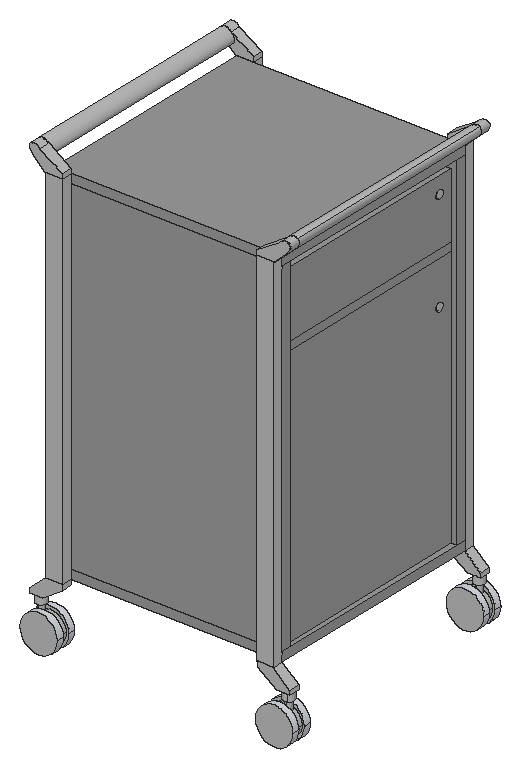
Revit family "Haworth_Planes_CartMedia_Medium_AP_PRELIMINARY", category Furniture Systems, Revit 2019
Family settings
  Round Connector Dimension = Use Diameter
  Part Type = Normal
  OmniClass Number = 23.40.70.14.64.21.14
  OmniClass Title = Free-Standing Component
  Work Plane-Based = No
  Always vertical = Yes
  Cut with Voids When Loaded = No
  Shared = No
  Room Calculation Point = No
Parameters (values of type "Cart - Media Medium")
  with Lock = yes
  Warranty = "http://www.haworth.com/resources/product-info/warranties"
  URL - Product = "https://www.haworth.com/ap/en/products/accessories/planes.html"
  Top Opening Height = 140.494 mm  # constant formula
  Size = "Verify Final Dim. w/Haworth"  # constant formula
  Side Panel Offset = 12.7 mm  # constant formula
  Shelf Thickness = 19.05 mm  # constant formula
  Shelf Offset = 1.587 mm  # constant formula
  Revision = "2"  # constant formula
  Leg Thickness = 22.225 mm  # constant formula
  URL = "https://www.haworth.com/ap/en.html"
  Model = "WOPLCBM"  # constant formula
  Manufacturer = "Haworth"  # constant formula
  Glides = not(Casters)  # no
  Description = "Haworth - Planes - Cart - Media Medium"  # constant formula
  Casters = yes
  Caster Finish = Haworth _ Paint _ Metallic Champagne
  Cart Trim Finish [instance] = Haworth _ Laminate _ Undecided _ Storage
  Cart Surface Finish [instance] = Haworth _ Laminate _ Undecided _ Storage
  Cart Leg Finish [instance] = Haworth _ Paint _ Metallic Champagne
  Author = "Haworth (Hampton, Abd Rahman)"  # constant formula
  Assembly Code = "E2020200"
  Actual Width = 482.6 mm  # constant formula
  Actual Height = 914.4 mm  # constant formula
  Actual Depth = 482.6 mm  # constant formula
Reference planes
  plane 1 "Center F/B": y = 0
  plane 2 "Bottom": z = 0.38
  plane 3 "Center L/R": x = 0
  plane 4 "Center Left To Right": y = 0
  plane 5 "Center Front To Back": x = 0
  plane 6 "Front Panel Outside": y = -241.3
  plane 7 "Left": y = 241.3
  plane 8 "Left Edge": x = -241.3
  plane 9 "Right Edge": x = 241.3
  plane 10: y = 222.25
  plane 11 "Front Panel Inside": y = -222.25
  plane 12 "Left Panel Outside": x = -228.6
  plane 13 "Left Panel Inside": x = -209.55
  plane 14 "Bottom Panel Bottom": z = 142.875
  plane 15 "Bottom Panel Top": z = 161.925
  plane 16 "Top": z = 914.78
  plane 17 "Right Panel Outside": x = 228.6
  plane 18 "Right Panel Inside": x = 209.55
  plane 19 "Top Panel Bottom": z = 895.73
  plane 20 "Front Leg Offset": y = -263.525
  plane 21 "Back Leg Offset": y = 263.525
  plane 22 "Shelf Top": z = 733.011
  plane 23 "Shelf Bottom": z = 713.961
  plane 24 "Door Top": z = 873.505
  plane 25 "Shelf Offset Left": x = 227.012
  plane 26 "Shelf Offset Right": x = -227.012
Forms (mm)
  Revolve 1, solid, material "Haworth _ Paint _ Metallic Champagne" <- "Cart Leg Finish", visible <- "Glides"
    sketch origin (-549.796, -252.754, 0.074) x (-1, -0.000803, 0) y (0, 0, -1)
      loop
        line (-288.79, -87.312) -> (-277.678, -87.312) -> (-277.678, -8.331) -> (-263.39, -8.331) -> (-263.39, 0) -> (-288.79, 0) -> (-288.79, -87.312)
      axis (-288.79, -87.312) -> (-288.79, 0)
    angle from 0 to 360
  Revolve 2, solid, material "Haworth _ Paint _ Metallic Champagne" <- "Cart Leg Finish", visible <- "Glides"
    sketch origin (-549.796, 252.823, 0.074) x (-1, 0.000803, 0) y (0, 0, 1)
      loop
        line (-288.79, 87.312) -> (-288.79, 0) -> (-263.39, 0) -> (-263.39, 8.331) -> (-277.678, 8.331) -> (-277.678, 87.312) -> (-288.79, 87.312)
      axis (-288.79, 87.312) -> (-288.79, 0)
    angle from 0 to 360
  Extrusion 3, solid, material "Haworth _ Paint _ Metallic Champagne" <- "Cart Leg Finish"
    sketch origin (-568.944, 84.689, 0.074) x (0.469468, -0.88295, 0) y (0.88295, 0.469468, 0)
      loop
        circle (-3.69, 350.722) r 11.112
    from 87.312 to 102.607
  Extrusion 4, solid, material "Haworth _ Paint _ Metallic Champagne" <- "Cart Leg Finish"
    sketch origin (-664.806, 264.031, 0) x (-1, 0, 0) y (0, 0, -1)
      loop
        line (-458.224, -142.875) -> (-423.402, -142.875) -> (-388.833, -111.749) -> (-388.833, -102.681) -> (-416.333, -102.681) -> (-458.224, -132.152) -> (-458.224, -142.875)
      loop
        line (-871.388, -142.875) -> (-871.388, -132.152) -> (-913.279, -102.681) -> (-940.779, -102.681) -> (-940.779, -111.749) -> (-906.21, -142.875) -> (-871.388, -142.875)
    from 0 to 22.544
  Revolve 5, solid, material "Haworth _ Paint _ Metallic Champagne" <- "Cart Leg Finish", visible <- "Glides"
    sketch origin (552.971, -252.754, 0.074) x (1, -0.000803, 0) y (0, 0, 1)
      loop
        line (-288.79, 87.312) -> (-288.79, 0) -> (-263.39, 0) -> (-263.39, 8.331) -> (-277.678, 8.331) -> (-277.678, 87.312) -> (-288.79, 87.312)
      axis (-288.79, 87.312) -> (-288.79, 0)
    angle from 0 to 360
  Revolve 6, solid, material "Haworth _ Paint _ Metallic Champagne" <- "Cart Leg Finish", visible <- "Glides"
    sketch origin (552.971, 252.823, 0.074) x (1, 0.000803, 0) y (0, 0, -1)
      loop
        line (-288.79, -87.312) -> (-277.678, -87.312) -> (-277.678, -8.331) -> (-263.39, -8.331) -> (-263.39, 0) -> (-288.79, 0) -> (-288.79, -87.312)
      axis (-288.79, -87.312) -> (-288.79, 0)
    angle from 0 to 360
  Extrusion 7, solid, material "Haworth _ Paint _ Metallic Champagne" <- "Cart Leg Finish"
    sketch origin (572.119, 84.689, 0.074) x (-0.469468, -0.88295, 0) y (0.88295, -0.469468, 0)
      loop
        circle (-3.69, -350.722) r 11.112
    from 87.312 to 102.607
  Extrusion 8, solid, material "Haworth _ Paint _ Metallic Champagne" <- "Cart Leg Finish"
    sketch origin (0, 0, 0) x (1, 0, 0) y (0, 1, 0)
      loop
        line (-241.404, -241.418) -> (-241.404, -263.962) -> (-206.582, -263.962) -> (-206.582, -241.418) -> (-241.404, -241.418)
    from 142.875 to 914.78
  Extrusion 9, solid, material "Haworth _ Paint _ Metallic Champagne" <- "Cart Leg Finish"
    sketch origin (447.75, 0, 0) x (1, 0, 0) y (0, 1, 0)
      loop
        line (-241.404, -241.418) -> (-241.404, -263.962) -> (-206.582, -263.962) -> (-206.582, -241.418) -> (-241.404, -241.418)
    from 142.875 to 914.78
  Extrusion 10, solid, material "Haworth _ Paint _ Metallic Champagne" <- "Cart Leg Finish"
    sketch origin (0, 0, 0) x (1, 0, 0) y (0, 1, 0)
      loop
        line (-241.404, 241.487) -> (-206.582, 241.487) -> (-206.582, 264.031) -> (-241.404, 264.031) -> (-241.404, 241.487)
    from 142.875 to 914.78
  Extrusion 11, solid, material "Haworth _ Paint _ Metallic Champagne" <- "Cart Leg Finish"
    sketch origin (447.75, 0, 0) x (1, 0, 0) y (0, 1, 0)
      loop
        line (-241.404, 241.487) -> (-206.582, 241.487) -> (-206.582, 264.031) -> (-241.404, 264.031) -> (-241.404, 241.487)
    from 142.875 to 914.78
  Extrusion 12, solid, material "Haworth _ Laminate _ Undecided _ Storage" <- "Cart Surface Finish"
    sketch origin (0, 0, 0) x (1, 0, 0) y (0, 0, 1)
      loop
        line (-241.3, 161.925) -> (-241.3, 142.875) -> (241.3, 142.875) -> (241.3, 161.925) -> (-241.3, 161.925)
    from -241.3 to 241.3
  Extrusion 13, solid
    sketch origin (0, 0, 0) x (1, 0, 0) y (0, 0, 1)
      loop
        line (-228.6, 713.961) -> (-228.6, 161.925) -> (-209.55, 161.925) -> (-209.55, 713.961) -> (-228.6, 713.961)
    from -222.25 to 222.25
  Extrusion 14, solid, material "Haworth _ Laminate _ Undecided _ Storage" <- "Cart Surface Finish"
    sketch origin (0, 0, 0) x (1, 0, 0) y (0, 0, 1)
      loop
        line (228.6, 713.961) -> (209.55, 713.961) -> (209.55, 161.925) -> (228.6, 161.925) -> (228.6, 713.961)
    from -222.25 to 222.25
  Extrusion 15, solid, material "Haworth _ Laminate _ Undecided _ Storage" <- "Cart Surface Finish"
    sketch origin (0, 0, 19.05) x (1, 0, 0) y (0, 0, 1)
      loop
        line (-241.3, 895.73) -> (-241.3, 876.68) -> (241.3, 876.68) -> (241.3, 895.73) -> (-241.3, 895.73)
    from -241.3 to 241.3
  Extrusion 16, solid, material "Haworth _ Laminate _ Undecided _ Storage" <- "Cart Surface Finish"
    sketch origin (0, 0, 0) x (0, 1, 0) y (0, 0, 1)
      loop
        line (-222.25, 733.011) -> (-222.25, 713.961) -> (222.25, 713.961) -> (222.25, 733.011) -> (-222.25, 733.011)
    from -227.012 to 227.012
  Extrusion 17, solid, material "Haworth _ Laminate _ Undecided _ Storage" <- "Cart Surface Finish"
    sketch origin (0, 0, 0) x (1, 0, 0) y (0, 1, 0)
      loop
        line (-241.3, -222.25) -> (-241.3, -241.3) -> (241.3, -241.3) -> (241.3, -222.25) -> (-241.3, -222.25)
    from 161.925 to 895.73
  Extrusion 18, solid, material "Haworth _ Laminate _ Undecided _ Storage" <- "Cart Surface Finish"
    sketch origin (0, 0, 0) x (1, 0, 0) y (0, 1, 0)
      loop
        line (-241.3, 222.25) -> (241.3, 222.25) -> (241.3, 241.3) -> (-241.3, 241.3) -> (-241.3, 222.25)
    from 161.925 to 895.73
  Extrusion 19, solid, material "Haworth _ Laminate _ Undecided _ Storage" <- "Cart Surface Finish"
    sketch origin (0, 0, 0) x (1, 0, 0) y (0, 0, 1)
      loop
        line (-228.6, 873.505) -> (-228.6, 733.011) -> (-209.55, 733.011) -> (-209.55, 873.505) -> (-228.6, 873.505)
      loop
        line (228.6, 873.505) -> (209.55, 873.505) -> (209.55, 733.011) -> (228.6, 733.011) -> (228.6, 873.505)
    from -222.25 to 222.25
  Extrusion 20, solid, material "Haworth _ Paint _ Metallic Champagne" <- "Cart Leg Finish"
    sketch origin (-568.944, -84.689, 0.074) x (0.469468, 0.88295, 0) y (-0.88295, 0.469468, 0)
      loop
        circle (-3.69, -350.722) r 11.112
    from 87.312 to 102.607
  Extrusion 21, solid, material "Haworth _ Paint _ Metallic Champagne" <- "Cart Leg Finish"
    sketch origin (-664.806, -264.031, 0) x (-1, 0, 0) y (0, 0, 1)
      loop
        line (-458.224, 142.875) -> (-458.224, 132.152) -> (-416.333, 102.681) -> (-388.833, 102.681) -> (-388.833, 111.749) -> (-423.402, 142.875) -> (-458.224, 142.875)
      loop
        line (-871.388, 142.875) -> (-906.21, 142.875) -> (-940.779, 111.749) -> (-940.779, 102.681) -> (-913.279, 102.681) -> (-871.388, 132.152) -> (-871.388, 142.875)
    from 0 to 22.544
  Extrusion 22, solid, material "Haworth _ Paint _ Metallic Champagne" <- "Cart Leg Finish"
    sketch origin (572.119, -84.689, 0.074) x (-0.469468, 0.88295, 0) y (-0.88295, -0.469468, 0)
      loop
        circle (-3.69, 350.722) r 11.112
    from 87.312 to 102.607
  Extrusion 23, solid, material "Haworth _ Paint _ Metallic Champagne" <- "Cart Leg Finish"
    sketch origin (668.977, -252.85, 56.24) x (1, 0, 0) y (0, 0, -1)
      loop
        line (-462.632, -867.504) -> (-414.691, -898.889)
        spline (-414.691, -898.889) -> (-411.19, -901.668) -> (-407.409, -903.706) -> (-403.605, -904.865) -> (-400.037, -905.066) -> (-396.948, -904.295) -> (-394.549, -902.604) -> (-393.004, -900.109) -> (-392.417, -896.981) -> (-392.829, -893.431) -> (-394.211, -889.702) -> (-396.47, -886.048) -> (-399.451, -882.719)
        line (-399.451, -882.719) -> (-425.108, -858.54) -> (-462.632, -858.54) -> (-462.632, -867.504)
    from -11.113 to 11.432
  Extrusion 24, solid, material "Haworth _ Paint _ Metallic Champagne" <- "Cart Leg Finish"
    sketch origin (668.977, -252.85, 56.24) x (1, 0, 0) y (0, 0, -1)
      loop
        spline (-419.016, -878.745) -> (-420.658, -881.188) -> (-421.374, -884.285) -> (-421.115, -887.826) -> (-419.899, -891.568) -> (-417.809, -895.258) -> (-414.986, -898.644) -> (-411.625, -901.494) -> (-407.952, -903.615) -> (-404.22, -904.862) -> (-400.681, -905.15) -> (-397.578, -904.459) -> (-395.122, -902.837)
        spline (-395.122, -902.837) -> (-393.479, -900.395) -> (-392.763, -897.297) -> (-393.022, -893.757) -> (-394.238, -890.014) -> (-396.329, -886.324) -> (-399.151, -882.939) -> (-402.513, -880.088) -> (-406.185, -877.967) -> (-409.918, -876.72) -> (-413.457, -876.432) -> (-416.56, -877.123) -> (-419.016, -878.745)
    from 11.432 to 494.337
  Extrusion 25, solid, material "Haworth _ Paint _ Metallic Champagne" <- "Cart Leg Finish"
    sketch origin (668.977, 252.919, 56.24) x (1, 0, 0) y (0, 0, 1)
      loop
        line (-462.632, 867.504) -> (-462.632, 858.54) -> (-425.108, 858.54) -> (-399.451, 882.719)
        spline (-399.451, 882.719) -> (-396.47, 886.048) -> (-394.211, 889.702) -> (-392.829, 893.431) -> (-392.417, 896.981) -> (-393.004, 900.109) -> (-394.549, 902.604) -> (-396.948, 904.295) -> (-400.037, 905.066) -> (-403.605, 904.865) -> (-407.409, 903.706) -> (-411.19, 901.668) -> (-414.691, 898.889)
        line (-414.691, 898.889) -> (-462.632, 867.504)
    from -11.113 to 11.432
  Extrusion 26, solid, material "Haworth _ Paint _ Metallic Champagne" <- "Cart Leg Finish"
    sketch origin (-668.977, -252.85, 56.24) x (-1, 0, 0) y (0, 0, 1)
      loop
        line (-462.632, 867.504) -> (-462.632, 858.54) -> (-425.108, 858.54) -> (-399.451, 882.719)
        spline (-399.451, 882.719) -> (-396.47, 886.048) -> (-394.211, 889.702) -> (-392.829, 893.431) -> (-392.417, 896.981) -> (-393.004, 900.109) -> (-394.549, 902.604) -> (-396.948, 904.295) -> (-400.037, 905.066) -> (-403.605, 904.865) -> (-407.409, 903.706) -> (-411.19, 901.668) -> (-414.691, 898.889)
        line (-414.691, 898.889) -> (-462.632, 867.504)
    from -11.113 to 11.432
  Extrusion 27, solid, material "Haworth _ Paint _ Metallic Champagne" <- "Cart Leg Finish"
    sketch origin (-668.977, -252.85, 56.24) x (-1, 0, 0) y (0, 0, 1)
      loop
        spline (-419.016, 878.745) -> (-416.56, 877.123) -> (-413.457, 876.432) -> (-409.918, 876.72) -> (-406.185, 877.967) -> (-402.513, 880.088) -> (-399.151, 882.939) -> (-396.329, 886.324) -> (-394.238, 890.014) -> (-393.022, 893.757) -> (-392.763, 897.297) -> (-393.479, 900.395) -> (-395.122, 902.837)
        spline (-395.122, 902.837) -> (-397.578, 904.459) -> (-400.681, 905.15) -> (-404.22, 904.862) -> (-407.952, 903.615) -> (-411.625, 901.494) -> (-414.986, 898.644) -> (-417.809, 895.258) -> (-419.899, 891.568) -> (-421.115, 887.826) -> (-421.374, 884.285) -> (-420.658, 881.188) -> (-419.016, 878.745)
    from 11.432 to 494.337
  Extrusion 28, solid, material "Haworth _ Paint _ Metallic Champagne" <- "Cart Leg Finish"
    sketch origin (-668.977, 252.919, 56.24) x (-1, 0, 0) y (0, 0, -1)
      loop
        line (-462.632, -867.504) -> (-414.691, -898.889)
        spline (-414.691, -898.889) -> (-411.19, -901.668) -> (-407.409, -903.706) -> (-403.605, -904.865) -> (-400.037, -905.066) -> (-396.948, -904.295) -> (-394.549, -902.604) -> (-393.004, -900.109) -> (-392.417, -896.981) -> (-392.829, -893.431) -> (-394.211, -889.702) -> (-396.47, -886.048) -> (-399.451, -882.719)
        line (-399.451, -882.719) -> (-425.108, -858.54) -> (-462.632, -858.54) -> (-462.632, -867.504)
    from -11.113 to 11.432
  Extrusion 29, solid, material "Haworth _ Paint _ Metallic Champagne" <- "Caster Finish", visible <- "with Lock"
    sketch origin (0, 0, 0) x (0, 1, 0) y (0, 0, 1)
      loop
        circle (187.932, 839.97) r 8
      loop
        circle (187.932, 626.052) r 8
    from 228.6 to 231.935
  Extrusion 30, solid, material "Haworth _ Paint _ Metallic Champagne" <- "Caster Finish", visible <- "with Lock"
    sketch origin (0, 0, 0) x (0, -1, 0) y (0, 0, 1)
      loop
        circle (187.932, 839.97) r 8
      loop
        circle (187.932, 626.052) r 8
    from 228.6 to 231.935
Lines and regions (mm)
  Masking region 1
    outline origin (0, 0, 0) x (1, 0, 0) y (0, 1, 0)
      loop
        line (-241.3, 241.3) -> (-241.3, -241.3) -> (241.3, -241.3) -> (241.3, 241.3) -> (-241.3, 241.3)
  Masking region 2
    outline origin (0, 0, 0) x (1, 0, 0) y (0, 1, 0)
      loop
        line (-276.495, -263.525) -> (-209.55, -263.525) -> (-209.55, -244.593) -> (-248.228, -244.593) -> (-248.228, 244.593) -> (-209.55, 244.593) -> (-209.55, 263.525) -> (-276.495, 263.525) -> (-276.495, -263.525)
      loop
        line (276.495, -263.525) -> (276.495, 263.525) -> (209.55, 263.525) -> (209.55, 244.593) -> (248.228, 244.593) -> (248.228, -244.593) -> (209.55, -244.593) -> (209.55, -263.525) -> (276.495, -263.525)
Dimensions and locks
  "Actual Depth": plane 6 "Front Panel Outside" to plane 7 "Left"
  equal spacing: plane 6 "Front Panel Outside", plane 4 "Center Left To Right", plane 7 "Left"
  equal spacing: plane 8 "Left Edge", plane 5 "Center Front To Back", plane 9 "Right Edge"
  "Actual Width": plane 8 "Left Edge" to plane 9 "Right Edge"
  "Actual Height": plane 16 "Top" to plane 2 "Bottom"
  "Shelf Thickness": plane 16 "Top" to plane 19 "Top Panel Bottom"
  "Leg Thickness": plane 20 "Front Leg Offset" to plane 6 "Front Panel Outside"
  "Shelf Thickness": plane 6 "Front Panel Outside" to plane 11 "Front Panel Inside"
  "Leg Thickness": plane 7 "Left" to plane 21 "Back Leg Offset"
  "Shelf Thickness": plane 10 to plane 7 "Left"
  "Side Panel Offset": plane 8 "Left Edge" to plane 12 "Left Panel Outside"
  "Side Panel Offset": plane 17 "Right Panel Outside" to plane 9 "Right Edge"
  "Shelf Thickness": plane 18 "Right Panel Inside" to plane 17 "Right Panel Outside"
  "Shelf Thickness": plane 12 "Left Panel Outside" to plane 13 "Left Panel Inside"
  "Leg Thickness": plane 19 "Top Panel Bottom" to plane 24 "Door Top"
  "Top Opening Height": plane 24 "Door Top" to plane 22 "Shelf Top"
  "Shelf Thickness": plane 22 "Shelf Top" to plane 23 "Shelf Bottom"
  locked: plane 14 "Bottom Panel Bottom" to plane 2 "Bottom" at 142.495
  "Shelf Thickness": plane 15 "Bottom Panel Top" to plane 14 "Bottom Panel Bottom"
  "Shelf Offset": plane 25 "Shelf Offset Left" to plane 17 "Right Panel Outside"
  "Shelf Offset": plane 12 "Left Panel Outside" to plane 26 "Shelf Offset Right"
  aligned: plane 16 "Top" to Extrusion 14
  aligned and locked: plane 16 "Top" to Extrusion 11
  aligned and locked: Extrusion 11 to Extrusion 10
  aligned and locked: Extrusion 10 to Extrusion 9
  aligned and locked: Extrusion 8 to Extrusion 9
  aligned and locked: Extrusion 15 to plane 9 "Right Edge"
  aligned and locked: Extrusion 15 to plane 7 "Left"
  aligned and locked: Extrusion 15 to plane 8 "Left Edge"
  aligned: plane 6 "Front Panel Outside" to Extrusion 15
  aligned and locked: Extrusion 10 to Extrusion 4  (x2)
  aligned and locked: Extrusion 15 to plane 19 "Top Panel Bottom"
  aligned: Extrusion 15 to plane 20 "Front Leg Offset"
  aligned: plane 19 "Top Panel Bottom" to Extrusion 14
  aligned: plane 19 "Top Panel Bottom" to Extrusion 13
  aligned and locked: Extrusion 13 to plane 15 "Bottom Panel Top"
  aligned and locked: Extrusion 13 to plane 13 "Left Panel Inside"
  aligned and locked: plane 10 to Extrusion 16 sketch curve
  aligned and locked: plane 11 "Front Panel Inside" to Extrusion 16 sketch curve
  aligned and locked: Extrusion 16 sketch curve to plane 22 "Shelf Top"
  aligned and locked: plane 23 "Shelf Bottom" to Extrusion 16 sketch curve
  aligned: plane 13 "Left Panel Inside" to Extrusion 16
  aligned: Extrusion 16 to plane 18 "Right Panel Inside"
  aligned: plane 12 "Left Panel Outside" to Extrusion 16
  aligned: Extrusion 16 to plane 17 "Right Panel Outside"
  aligned and locked: plane 26 "Shelf Offset Right" to Extrusion 16
  aligned and locked: plane 25 "Shelf Offset Left" to Extrusion 16
  aligned and locked: Extrusion 12 to plane 7 "Left"
  aligned and locked: plane 6 "Front Panel Outside" to Extrusion 12
  aligned and locked: Extrusion 12 to plane 8 "Left Edge"
  aligned and locked: Extrusion 17 sketch curve to plane 6 "Front Panel Outside"
  aligned and locked: Extrusion 17 sketch curve to plane 11 "Front Panel Inside"
  aligned and locked: plane 9 "Right Edge" to Extrusion 17 sketch curve
  aligned and locked: plane 8 "Left Edge" to Extrusion 17 sketch curve
  aligned and locked: Extrusion 17 to plane 15 "Bottom Panel Top"
  aligned: Extrusion 17 to Extrusion 13
  aligned and locked: Extrusion 18 to plane 7 "Left"
  aligned and locked: Extrusion 18 to plane 15 "Bottom Panel Top"
  aligned: Extrusion 18 to Extrusion 13
  aligned and locked: plane 23 "Shelf Bottom" to Extrusion 14
  aligned and locked: Extrusion 14 to Extrusion 13
  aligned and locked: Extrusion 19 sketch curve to plane 24 "Door Top"
  aligned and locked: plane 22 "Shelf Top" to Extrusion 19 sketch curve
  aligned and locked: plane 13 "Left Panel Inside" to Extrusion 19 sketch curve
  aligned and locked: Extrusion 19 sketch curve to plane 12 "Left Panel Outside"
  aligned and locked: plane 18 "Right Panel Inside" to Extrusion 19 sketch curve
  aligned and locked: Extrusion 19 sketch curve to plane 17 "Right Panel Outside"
  aligned and locked: plane 24 "Door Top" to Extrusion 19 sketch curve
  aligned and locked: Extrusion 19 sketch curve to plane 22 "Shelf Top"
  aligned and locked: Extrusion 19 to plane 10
  aligned and locked: Extrusion 19 to plane 11 "Front Panel Inside"
  aligned and locked: Masking region 1 sketch curve to plane 6 "Front Panel Outside"
  aligned and locked: plane 7 "Left" to Masking region 1 sketch curve
  aligned and locked: plane 9 "Right Edge" to Masking region 1 sketch curve
  aligned and locked: plane 8 "Left Edge" to Masking region 1 sketch curve
Automatic sketch dimensions
  Revolve 1 sketch curve to plane 14 "Bottom Panel Bottom" = 55.488 mm
  Revolve 1 sketch curve to Revolve 1 sketch curve = 11.112 mm
  level to Revolve 1 sketch curve = 0.074 mm
  Revolve 1 sketch curve to Revolve 1 sketch curve = 14.287 mm
  plane 2 "Bottom" to Revolve 1 sketch curve = 8.026 mm
  Revolve 1 sketch curve to Revolve 1 sketch curve = 0 mm
  Revolve 1 sketch curve to Revolve 1 sketch curve = 0.22 mm
  Revolve 1 sketch curve to level = 27.133 mm
  Revolve 2 sketch curve to plane 14 "Bottom Panel Bottom" = 55.488 mm
  Revolve 2 sketch curve to Revolve 2 sketch curve = 11.112 mm
  level to Revolve 2 sketch curve = 0.074 mm
  Revolve 2 sketch curve to Revolve 2 sketch curve = 14.287 mm
  plane 2 "Bottom" to Revolve 2 sketch curve = 8.026 mm
  Revolve 2 sketch curve to Revolve 2 sketch curve = 0 mm
  Revolve 2 sketch curve to level = 27.133 mm
  Revolve 2 sketch curve to Revolve 2 sketch curve = 0.22 mm
  plane 21 "Back Leg Offset" to Extrusion 3 sketch curve = 10.925 mm
  Extrusion 3 sketch curve to plane 8 "Left Edge" = 19.706 mm
  Extrusion 4 sketch curve to plane 14 "Bottom Panel Bottom" = 0 mm  (x2)
  Extrusion 4 sketch curve to plane 9 "Right Edge" = 34.673 mm
  Extrusion 4 sketch curve to plane 9 "Right Edge" = 7.173 mm
  Extrusion 4 sketch curve to plane 9 "Right Edge" = 0.104 mm
  plane 18 "Right Panel Inside" to Extrusion 4 sketch curve = 2.968 mm
  Extrusion 4 sketch curve to plane 13 "Left Panel Inside" = 2.968 mm
  Extrusion 4 sketch curve to plane 8 "Left Edge" = 0.104 mm
  Extrusion 4 sketch curve to plane 8 "Left Edge" = 7.173 mm
  Extrusion 4 sketch curve to Extrusion 4 sketch curve = 27.5 mm
  Extrusion 4 sketch curve to plane 14 "Bottom Panel Bottom" = 10.723 mm  (x2)
  Extrusion 4 sketch curve to plane 14 "Bottom Panel Bottom" = 31.126 mm  (x2)
  Extrusion 4 sketch curve to Extrusion 4 sketch curve = 9.067 mm  (x2)
  Revolve 5 sketch curve to plane 14 "Bottom Panel Bottom" = 55.488 mm
  Revolve 5 sketch curve to Revolve 5 sketch curve = 11.112 mm
  level to Revolve 5 sketch curve = 0.074 mm
  Revolve 5 sketch curve to Revolve 5 sketch curve = 14.287 mm
  plane 2 "Bottom" to Revolve 5 sketch curve = 8.026 mm
  Revolve 5 sketch curve to Revolve 5 sketch curve = 0 mm
  Revolve 5 sketch curve to level = 27.133 mm
  Revolve 5 sketch curve to Revolve 5 sketch curve = 0.22 mm
  Revolve 6 sketch curve to plane 14 "Bottom Panel Bottom" = 55.488 mm
  Revolve 6 sketch curve to Revolve 6 sketch curve = 11.112 mm
  level to Revolve 6 sketch curve = 0.074 mm
  Revolve 6 sketch curve to Revolve 6 sketch curve = 14.287 mm
  plane 2 "Bottom" to Revolve 6 sketch curve = 8.026 mm
  Revolve 6 sketch curve to Revolve 6 sketch curve = 0 mm
  Revolve 6 sketch curve to Revolve 6 sketch curve = 0.22 mm
  Revolve 6 sketch curve to level = 27.133 mm
  plane 21 "Back Leg Offset" to Extrusion 7 sketch curve = 10.925 mm
  Extrusion 7 sketch curve to plane 9 "Right Edge" = 22.881 mm
  Extrusion 8 sketch curve to plane 8 "Left Edge" = 0.104 mm
  plane 6 "Front Panel Outside" to Extrusion 8 sketch curve = 0.118 mm
  Extrusion 8 sketch curve to plane 13 "Left Panel Inside" = 2.968 mm
  Extrusion 8 sketch curve to plane 20 "Front Leg Offset" = 0.437 mm
  Extrusion 9 sketch curve to plane 20 "Front Leg Offset" = 0.437 mm
  plane 18 "Right Panel Inside" to Extrusion 9 sketch curve = 3.204 mm
  plane 9 "Right Edge" to Extrusion 9 sketch curve = 0.132 mm
  plane 6 "Front Panel Outside" to Extrusion 9 sketch curve = 0.118 mm
  plane 8 "Left Edge" to Extrusion 10 sketch curve = 0.104 mm
  plane 7 "Left" to Extrusion 10 sketch curve = 0.187 mm
  plane 13 "Left Panel Inside" to Extrusion 10 sketch curve = 2.968 mm
  plane 21 "Back Leg Offset" to Extrusion 10 sketch curve = 0.506 mm
  plane 21 "Back Leg Offset" to Extrusion 11 sketch curve = 0.506 mm
  Extrusion 11 sketch curve to plane 18 "Right Panel Inside" = 3.204 mm
  Extrusion 11 sketch curve to plane 9 "Right Edge" = 0.132 mm
  plane 7 "Left" to Extrusion 11 sketch curve = 0.187 mm
  Extrusion 12 sketch curve to plane 8 "Left Edge" = 0 mm
  plane 9 "Right Edge" to Extrusion 12 sketch curve = 0 mm
  Extrusion 12 sketch curve to plane 14 "Bottom Panel Bottom" = 0 mm
  Extrusion 12 sketch curve to plane 15 "Bottom Panel Top" = 0 mm
  plane 12 "Left Panel Outside" to Extrusion 13 sketch curve = 0 mm
  plane 13 "Left Panel Inside" to Extrusion 13 sketch curve = 0 mm
  Extrusion 13 sketch curve to plane 15 "Bottom Panel Top" = 0 mm
  Extrusion 13 sketch curve to plane 23 "Shelf Bottom" = 0 mm
  plane 18 "Right Panel Inside" to Extrusion 14 sketch curve = 0 mm
  Extrusion 14 sketch curve to plane 15 "Bottom Panel Top" = 0 mm
  plane 17 "Right Panel Outside" to Extrusion 14 sketch curve = 0 mm
  Extrusion 14 sketch curve to plane 23 "Shelf Bottom" = 0 mm
  Extrusion 15 sketch curve to plane 8 "Left Edge" = 0 mm
  plane 9 "Right Edge" to Extrusion 15 sketch curve = 0 mm
  Extrusion 15 sketch curve to plane 19 "Top Panel Bottom" = 0 mm
  Extrusion 15 sketch curve to plane 16 "Top" = 0 mm
  plane 7 "Left" to Extrusion 18 sketch curve = 0 mm
  Extrusion 18 sketch curve to plane 8 "Left Edge" = 0 mm
  Extrusion 18 sketch curve to plane 9 "Right Edge" = 0 mm
  plane 10 to Extrusion 18 sketch curve = 0 mm
  plane 20 "Front Leg Offset" to Extrusion 20 sketch curve = 10.925 mm
  Extrusion 20 sketch curve to plane 8 "Left Edge" = 19.706 mm
  Extrusion 21 sketch curve to plane 14 "Bottom Panel Bottom" = 0 mm  (x2)
  Extrusion 21 sketch curve to plane 9 "Right Edge" = 34.673 mm
  Extrusion 21 sketch curve to plane 9 "Right Edge" = 7.173 mm
  Extrusion 21 sketch curve to plane 9 "Right Edge" = 0.104 mm
  plane 18 "Right Panel Inside" to Extrusion 21 sketch curve = 2.968 mm
  Extrusion 21 sketch curve to plane 13 "Left Panel Inside" = 2.968 mm
  Extrusion 21 sketch curve to plane 8 "Left Edge" = 0.104 mm
  Extrusion 21 sketch curve to plane 8 "Left Edge" = 7.173 mm
  Extrusion 21 sketch curve to Extrusion 21 sketch curve = 27.5 mm
  Extrusion 21 sketch curve to plane 14 "Bottom Panel Bottom" = 10.723 mm  (x2)
  Extrusion 21 sketch curve to plane 14 "Bottom Panel Bottom" = 31.126 mm  (x2)
  Extrusion 21 sketch curve to Extrusion 21 sketch curve = 9.067 mm  (x2)
  plane 20 "Front Leg Offset" to Extrusion 22 sketch curve = 10.925 mm
  Extrusion 22 sketch curve to plane 9 "Right Edge" = 22.881 mm
  Extrusion 23 sketch curve to plane 16 "Top" = 0 mm
  plane 18 "Right Panel Inside" to Extrusion 23 sketch curve = 3.204 mm
  Extrusion 23 sketch curve to plane 9 "Right Edge" = 2.57 mm
  Extrusion 23 sketch curve to plane 9 "Right Edge" = 12.987 mm
  plane 16 "Top" to Extrusion 23 sketch curve = 24.179 mm
  Extrusion 23 sketch curve to Extrusion 23 sketch curve = 15.239 mm
  plane 16 "Top" to Extrusion 23 sketch curve = 8.964 mm
  Extrusion 24 sketch curve to plane 9 "Right Edge" = 8.661 mm
  plane 16 "Top" to Extrusion 24 sketch curve = 32.251 mm
  Extrusion 24 sketch curve to Extrusion 24 sketch curve = 11.947 mm
  Extrusion 25 sketch curve to plane 16 "Top" = 0 mm
  plane 18 "Right Panel Inside" to Extrusion 25 sketch curve = 3.204 mm
  Extrusion 25 sketch curve to plane 9 "Right Edge" = 2.57 mm
  Extrusion 25 sketch curve to plane 9 "Right Edge" = 12.987 mm
  plane 16 "Top" to Extrusion 25 sketch curve = 24.179 mm
  Extrusion 25 sketch curve to Extrusion 25 sketch curve = 15.239 mm
  plane 16 "Top" to Extrusion 25 sketch curve = 8.964 mm
  Extrusion 26 sketch curve to plane 16 "Top" = 0 mm
  Extrusion 26 sketch curve to plane 13 "Left Panel Inside" = 3.204 mm
  Extrusion 26 sketch curve to plane 8 "Left Edge" = 2.57 mm
  Extrusion 26 sketch curve to plane 8 "Left Edge" = 12.987 mm
  plane 16 "Top" to Extrusion 26 sketch curve = 24.179 mm
  Extrusion 26 sketch curve to Extrusion 26 sketch curve = 15.239 mm
  plane 16 "Top" to Extrusion 26 sketch curve = 8.964 mm
  Extrusion 27 sketch curve to plane 8 "Left Edge" = 8.661 mm
  plane 16 "Top" to Extrusion 27 sketch curve = 20.205 mm
  Extrusion 27 sketch curve to Extrusion 27 sketch curve = 11.947 mm
  Extrusion 28 sketch curve to plane 16 "Top" = 0 mm
  Extrusion 28 sketch curve to plane 13 "Left Panel Inside" = 3.204 mm
  Extrusion 28 sketch curve to plane 8 "Left Edge" = 2.57 mm
  Extrusion 28 sketch curve to plane 8 "Left Edge" = 12.987 mm
  plane 16 "Top" to Extrusion 28 sketch curve = 24.179 mm
  Extrusion 28 sketch curve to Extrusion 28 sketch curve = 15.239 mm
  plane 16 "Top" to Extrusion 28 sketch curve = 8.964 mm
  plane 21 "Back Leg Offset" to Masking region 2 sketch curve = 0 mm  (x2)
  Masking region 2 sketch curve to plane 20 "Front Leg Offset" = 0 mm  (x2)
  Masking region 2 sketch curve to plane 13 "Left Panel Inside" = 0 mm  (x2)
  Masking region 2 sketch curve to plane 18 "Right Panel Inside" = 0 mm  (x2)
  Masking region 2 sketch curve to plane 7 "Left" = 3.293 mm  (x2)
  Masking region 2 sketch curve to plane 8 "Left Edge" = 6.928 mm
  Masking region 2 sketch curve to Masking region 2 sketch curve = 28.267 mm  (x2)
  plane 6 "Front Panel Outside" to Masking region 2 sketch curve = 3.293 mm  (x2)
  Masking region 2 sketch curve to plane 9 "Right Edge" = 6.928 mm
  plane 10 to Extrusion 29 sketch curve = 34.318 mm  (x2)
  Extrusion 29 sketch curve to plane 23 "Shelf Bottom" = 87.909 mm
  Extrusion 29 sketch curve to plane 24 "Door Top" = 33.534 mm
  plane 11 "Front Panel Inside" to Extrusion 30 sketch curve = 34.318 mm  (x2)
  Extrusion 30 sketch curve to plane 23 "Shelf Bottom" = 87.909 mm
  Extrusion 30 sketch curve to plane 24 "Door Top" = 33.534 mm
  radius of Extrusion 3 sketch curve = 11.112 mm
  radius of Extrusion 7 sketch curve = 11.112 mm
  radius of Extrusion 20 sketch curve = 11.112 mm
  radius of Extrusion 22 sketch curve = 11.112 mm
  radius of Extrusion 29 sketch curve = 8 mm  (x2)
  radius of Extrusion 30 sketch curve = 8 mm  (x2)
Nested families
  nested 1: "Haworth_3in Caster" at (-260.822, -252.531, 0.074) x (0, 1, 0) z (0, 0, 1), visible <- "Casters", type "Haworth_3in Caster"
  nested 2: "Haworth_3in Caster" at (-260.822, 252.6, 0.074) x (0, -1, 0) z (0, 0, 1), visible <- "Casters", type "Haworth_3in Caster"
  nested 3: "Haworth_3in Caster" at (263.997, -252.531, 0.074) x (0, 1, 0) z (0, 0, 1), visible <- "Casters", type "Haworth_3in Caster"
  nested 4: "Haworth_3in Caster" at (263.997, 252.6, 0.074) x (0, -1, 0) z (0, 0, 1), visible <- "Casters", type "Haworth_3in Caster"
Definition of nested family "Haworth_3in Caster"
  Parameters
    Glides = yes
    Caster Finish = none
    Cart Leg Finish = none
    Assembly Code = ""
  Reference planes
    plane 1 "Center (Front/Back)": y = 0
    plane 2: z = 0
    plane 3 "Center (Left/Right)": x = 0
  Forms (mm)
    Extrusion 1, solid
      sketch origin (0, 0, -0.538) x (0, 1, 0) y (0, 0, 1)
        loop
          circle (-12.369, 40.225) r 39.688
      from 22.225 to 7.938
    Extrusion 2, solid
      sketch origin (0, 0, -0.538) x (0, 1, 0) y (0, 0, 1)
        loop
          circle (-12.369, 40.225) r 39.688
      from -22.225 to -7.938
    Extrusion 3, solid
      sketch origin (0, 0, 0) x (0, 1, 0) y (0, 0, 1)
        loop
          circle (-12.369, 39.687) r 33.338
      from -7.938 to 7.938
    Extrusion 4, solid
      sketch origin (0, 0, 0) x (1, 0, 0) y (0, 1, 0)
        loop
          circle (0, 0) r 6.35
      from 61.913 to 87.313
  Cuts and joins
    joined: Extrusion 3, Extrusion 4
  Dimensions and locks
    plane 3 "Center (Left/Right)" to Extrusion 2 = 7.938 mm
    Extrusion 1 to plane 3 "Center (Left/Right)" = 22.225 mm
